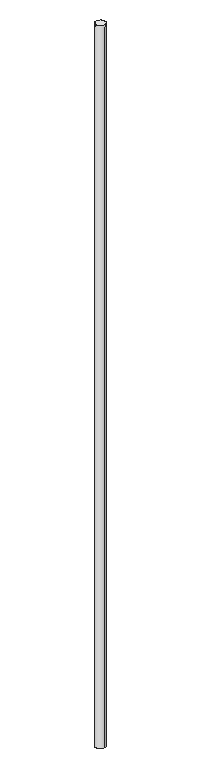
Revit family "EV_SPACER TUBE 26-29_9372799", category Generic Models, Revit 2018
Family settings
  Can host rebar = No
  Round Connector Dimension = Use Diameter
  Part Type = Normal
  OmniClass Number = 35.51.14.00
  OmniClass Title = FORMWORK
  Work Plane-Based = Yes
  Always vertical = No
  Cut with Voids When Loaded = No
  Shared = Yes
  Room Calculation Point = No
Parameters
  VERSION = "20170217"  # constant formula
  URL = "www.ulmaconstruction.com/en"
  UNICLASS = ""
  Manufacturer = "ULMA CONSTRUCTION"  # constant formula
  LENGTH [instance] = 2000.000 mm
  ITEM_LENGTH [instance] = if(LENGTH < 25.000 mm, 25.000 mm, if(LENGTH < 2000.000 mm, LENGTH, 2000.000 mm))  # 2000.000 mm
  ITEM_GENERIC = "1"
  ITEM_CODE = "9372799"
  FILTER [instance] = ""
  Default Elevation = 0.000 mm
  CLASSIFICATION_TITLE = ""
  CLASSIFICATION_NUMBER = ""
Reference planes
  plane 1 "Centro (Frontal/Posterior)": y = 0
  plane 2: z = 0
  plane 3 "Centro (Izquierda/Derecha)": x = 0
  plane 4 "ITEM_LENGTH": z = 2000
  plane 5 "LENGTH": z = 2000
Forms (mm)
  Extrusion 1, solid, material "ULMA PLASTIC", detail levels medium+fine
    sketch origin (0, 0, 0) x (1, 0, 0) y (0, 1, 0)
      loop
        circle (0, 0) r 14.5
    from 0 to 2000
Lines and regions (mm)
  model lines, style "ULMA CONSUMABLES", detail levels medium+fine
    curve 1: circle (0, 0, 0) r 13 normal (0, 0, 1)
    curve 2: circle (0, 0, 2000) r 13 normal (0, 0, 1)
Dimensions and locks
  "ITEM_LENGTH": plane 4 "ITEM_LENGTH" to plane 2
  "LENGTH": plane 5 "LENGTH" to plane 2
  aligned and locked: level to plane 2
  aligned and locked: plane 4 "ITEM_LENGTH" to Extrusion 1
Automatic sketch dimensions
  plane 1 "Centro (Frontal/Posterior)" to curve 1 = 0.000 mm
  curve 1 to plane 3 "Centro (Izquierda/Derecha)" = 0.000 mm
  plane 1 "Centro (Frontal/Posterior)" to Extrusion 1 sketch curve = 0.000 mm
  Extrusion 1 sketch curve to plane 3 "Centro (Izquierda/Derecha)" = 0.000 mm
  radius of curve 1 = 13.000 mm
  radius of Extrusion 1 sketch curve = 14.500 mm
  radius of curve 2 to Extrusion 1 = 1.500 mm
